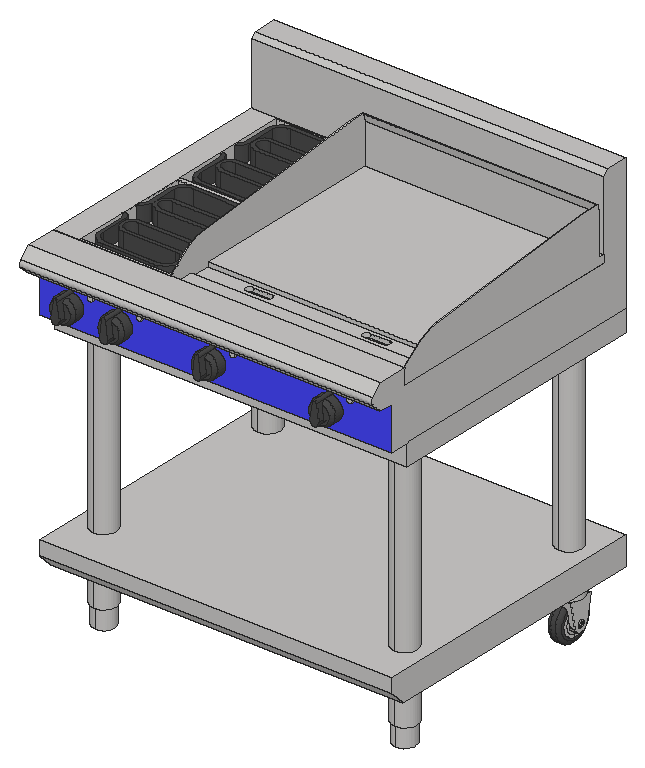
Revit family "QF_MOFFAT_BLUESEAL_CE_E516B-LS", category Specialty Equipment, Revit 2012 (continued)
Definition of nested family "ELECTRIC BURNER & GRIDDLE 900"
  Automatic sketch dimensions
    plane 1 "BACK" to Extrusion 1 sketch curve = 0 mm
    Extrusion 1 sketch curve to plane 10 = 0 mm  (x2)
    Extrusion 1 sketch curve to plane 3 "LEFT" = 0 mm
    plane 5 "FRONT" to Extrusion 1 sketch curve = 0 mm
    plane 1 "BACK" to Extrusion 1 sketch curve = 5 mm
    plane 8 "Center X" to Extrusion 1 sketch curve = 4.849 mm
    Extrusion 1 sketch curve to plane 8 "Center X" = 2.751 mm
    Extrusion 1 sketch curve to plane 5 "FRONT" = 5 mm
    Extrusion 1 sketch curve to plane 7 "Center Y" = 155.638 mm  (x2)
    Extrusion 1 sketch curve to Extrusion 1 sketch curve = 5.638 mm
    Extrusion 2 sketch curve to Extrusion 2 sketch curve = 0 mm  (x35)
    plane 1 "BACK" to Extrusion 2 sketch curve = 9.75 mm
    Extrusion 2 sketch curve to Extrusion 2 sketch curve = 10 mm  (x2)
    plane 9 to Extrusion 2 sketch curve = 24.786 mm
    Extrusion 2 sketch curve to Extrusion 2 sketch curve = 0.182 mm  (x4)
    plane 9 to Extrusion 2 sketch curve = 23.546 mm
    plane 9 to Extrusion 2 sketch curve = 22.55 mm
    Extrusion 2 sketch curve to Extrusion 2 sketch curve = 17.7 mm  (x4)
    Extrusion 2 sketch curve to plane 9 = 46.093 mm
    Extrusion 2 sketch curve to Extrusion 2 sketch curve = 0.4 mm  (x2)
    Extrusion 2 sketch curve to Extrusion 2 sketch curve = 0.111 mm  (x2)
    Extrusion 2 sketch curve to Extrusion 2 sketch curve = 14.806 mm
    Extrusion 2 sketch curve to Extrusion 2 sketch curve = 10.393 mm
    Extrusion 2 sketch curve to Extrusion 2 sketch curve = 27.7 mm  (x6)
    Extrusion 2 sketch curve to Extrusion 2 sketch curve = 33.826 mm
    Extrusion 2 sketch curve to Extrusion 2 sketch curve = 10.413 mm  (x2)
    Extrusion 2 sketch curve to Extrusion 2 sketch curve = 14.364 mm
    Extrusion 2 sketch curve to Extrusion 2 sketch curve = 0.123 mm  (x2)
    Extrusion 2 sketch curve to Extrusion 2 sketch curve = 14.934 mm  (x2)
    Extrusion 2 sketch curve to Extrusion 2 sketch curve = 26.704 mm  (x2)
    Extrusion 2 sketch curve to Extrusion 2 sketch curve = 1.058 mm  (x3)
    Extrusion 2 sketch curve to plane 8 "Center X" = 4.75 mm
    Extrusion 2 sketch curve to plane 8 "Center X" = 40.214 mm
    Extrusion 2 sketch curve to Extrusion 2 sketch curve = 4.516 mm
    Extrusion 2 sketch curve to Extrusion 2 sketch curve = 0.447 mm
    Extrusion 2 sketch curve to Extrusion 2 sketch curve = 33.7 mm
    Extrusion 2 sketch curve to Extrusion 2 sketch curve = 10.306 mm
    Extrusion 2 sketch curve to Extrusion 2 sketch curve = 14.508 mm
    plane 3 "LEFT" to Extrusion 2 sketch curve = 59.946 mm  (x2)
    plane 3 "LEFT" to Extrusion 2 sketch curve = 60.128 mm  (x2)
    Extrusion 2 sketch curve to Extrusion 2 sketch curve = 4.872 mm
    Extrusion 2 sketch curve to Extrusion 2 sketch curve = 5.484 mm
    Extrusion 2 sketch curve to Extrusion 2 sketch curve = 5.667 mm  (x2)
    Extrusion 2 sketch curve to Extrusion 2 sketch curve = 26.701 mm  (x4)
    Extrusion 2 sketch curve to Extrusion 2 sketch curve = 0.999 mm  (x3)
    Extrusion 2 sketch curve to Extrusion 2 sketch curve = 0.156 mm
    Extrusion 2 sketch curve to Extrusion 2 sketch curve = 0.625 mm
    Extrusion 2 sketch curve to Extrusion 2 sketch curve = 1.25 mm  (x2)
    Extrusion 2 sketch curve to Extrusion 2 sketch curve = 132.6 mm
    Extrusion 2 sketch curve to Extrusion 2 sketch curve = 132.428 mm
    Extrusion 2 sketch curve to Extrusion 2 sketch curve = 131.35 mm
    curve 11 to curve 37 = 0 mm  (x2)
    curve 15 to curve 33 = 0 mm  (x2)
    curve 19 to curve 29 = 0 mm  (x2)
    curve 21 to curve 27 = 0 mm  (x2)
    curve 23 to curve 25 = 0 mm  (x2)
    curve 39 to curve 45 = 0 mm  (x2)
    curve 41 to curve 43 = 0 mm  (x2)
    curve 49 to curve 67 = 0 mm  (x2)
    curve 53 to curve 63 = 0 mm  (x2)
    curve 55 to curve 61 = 0 mm  (x2)
    curve 57 to curve 59 = 0 mm  (x2)
    curve 71 to curve 81 = 0 mm  (x2)
    curve 73 to curve 79 = 0 mm  (x2)
    curve 75 to curve 77 = 0 mm  (x2)
    curve 1 to plane 3 "LEFT" = 0 mm
    plane 5 "FRONT" to curve 7 = 0 mm
    curve 3 to plane 4 "RIGHT" = 0 mm
    plane 1 "BACK" to curve 82 = 0 mm
    plane 3 "LEFT" to curve 25 = 59.946 mm
    plane 3 "LEFT" to curve 75 = 59.946 mm
    plane 3 "LEFT" to curve 59 = 60.128 mm
    plane 3 "LEFT" to curve 43 = 60.128 mm
    curve 57 to curve 58 = 4.872 mm
    curve 23 to curve 25 = 5.667 mm
    curve 41 to curve 43 = 5.484 mm
    curve 75 to curve 76 = 5.667 mm
    curve 7 to plane 8 "Center X" = 2.751 mm
    plane 3 "LEFT" to curve 7 = 65.8 mm
    curve 90 to curve 7 = 0 mm
    curve 57 to curve 59 = 15.784 mm
    curve 75 to curve 74 = 15.967 mm
    curve 87 to curve 27 = 10.112 mm
    curve 87 to curve 39 = 10.112 mm
    curve 25 to curve 23 = 10 mm
    curve 39 to curve 44 = 10 mm
    curve 73 to curve 79 = 10 mm
    curve 59 to curve 57 = 10 mm
    curve 44 to curve 39 = 26.701 mm
    curve 21 to curve 27 = 26.701 mm
    curve 79 to curve 79 = 26.701 mm
    curve 56 to curve 55 = 26.701 mm
    curve 23 to curve 32 = 27.7 mm
    curve 36 to plane 9 = 15.15 mm
    curve 39 to curve 36 = 0.999 mm
    curve 56 to curve 66 = 27.7 mm
    curve 55 to curve 55 = 0.999 mm
    curve 77 to curve 68 = 27.7 mm
    curve 21 to curve 20 = 0.999 mm
    curve 79 to plane 8 "Center X" = 14.75 mm
    curve 73 to curve 79 = 0.999 mm
    curve 39 to curve 45 = 0.999 mm
    curve 35 to curve 13 = 0.156 mm
    curve 54 to curve 62 = 0.172 mm
    curve 45 to curve 39 = 0.172 mm
    curve 80 to curve 72 = 0.172 mm
    curve 20 to curve 27 = 0.172 mm
    curve 31 to curve 17 = 0.625 mm
    curve 65 to curve 51 = 1.25 mm
    curve 68 to curve 48 = 1.25 mm
    curve 54 to plane 5 "FRONT" = 25.75 mm
    curve 54 to curve 54 = 132.6 mm
    curve 50 to curve 63 = 0 mm
    curve 46 to curve 68 = 0 mm
    plane 1 "BACK" to curve 38 = 9.75 mm
    curve 39 to curve 38 = 132.428 mm
    curve 34 to curve 36 = 0 mm
    curve 30 to curve 32 = 0 mm
    plane 8 "Center X" to curve 90 = 4.849 mm
    curve 29 to curve 90 = 48.15 mm
    curve 9 to plane 5 "FRONT" = 0.299 mm
    curve 62 to curve 9 = 48.15 mm
    curve 8 to curve 89 = 0 mm
    curve 9 to curve 9 = 11.275 mm
    plane 4 "RIGHT" to curve 2 = 65.612 mm
    curve 6 to curve 86 = 5 mm
    curve 62 to curve 54 = 10 mm
    curve 55 to curve 60 = 25.464 mm
    curve 54 to curve 53 = 27.7 mm
    curve 64 to curve 65 = 17.7 mm
    curve 65 to curve 51 = 0 mm
    curve 59 to curve 66 = 4.457 mm
    curve 57 to curve 59 = 0.4 mm
    curve 59 to curve 57 = 0.111 mm
    curve 49 to curve 67 = 27.7 mm
    curve 57 to curve 77 = 33.7 mm
    curve 77 to curve 76 = 10.413 mm
    curve 75 to curve 77 = 14.364 mm
    curve 68 to curve 69 = 17.7 mm
    curve 69 to curve 47 = 0 mm
    curve 79 to curve 79 = 26.704 mm
    plane 8 "Center X" to curve 28 = 10.75 mm
    curve 28 to curve 19 = 10 mm
    curve 87 to curve 26 = 41.365 mm
    curve 20 to curve 19 = 27.7 mm
    curve 30 to curve 31 = 17.7 mm
    curve 31 to curve 17 = 0 mm
    curve 23 to curve 32 = 4.516 mm
    curve 23 to curve 26 = 0.447 mm
    curve 25 to curve 23 = 0.123 mm
    curve 15 to curve 33 = 27.7 mm
    curve 24 to curve 43 = 33.826 mm
    curve 42 to curve 41 = 10.393 mm
    curve 42 to curve 43 = 14.296 mm
    curve 35 to curve 13 = 0 mm
    curve 39 to curve 10 = 26.704 mm
    plane 1 "BACK" to curve 88 = 5 mm
  Nested families
    nested 1: "ELECTRIC GRIDDLE PLATE 300" at (300, -15, 0), type "ELECTRIC GRIDDLE PLATE 300"
      with Width 600 mm, Type Mark "", Status "", Specification by User "", Show Clearance yes, Revision Code "", Number of Poles 1, Mechanical Remarks "", Mechanical Connection Type "", Item Number "", Installed By "", Identify Quantity as Lot yes, Gas RI Height 0 mm, Gas KW 0, Gas Input 0.0 Btu/h, Furnished By "", Foodservice Equipment Identifier yes, Electrical Remarks "", Electric Connection Type "", Elec Conn RI Height 0 mm, Elec Conn Connection Height 0 mm, Depth 620 mm
  Definition of nested family "ELECTRIC GRIDDLE PLATE 300"
    Parameters (values of type "ELECTRIC GRIDDLE PLATE 300")
      Width [instance] = 600 mm
      Weight in Pounds = 0
      Watts = 0 W
      Volts = 0 V
      URL Cutsheet = ""
      Type Mark [instance] = ""
      Status [instance] = ""
      Specification by User [instance] = ""
      Specification by Manufacturer = ""
      Show Clearance [instance] = yes
      Serial Number = ""
      Seismic Rating = ""
      SMACNA No = ""
      Revision Code [instance] = ""
      Phase = 1
      Omniclass Number and Title = ""
      Number of Poles [instance] = 1
      NAFEM Spec ID Number = ""
      Min Ckt Ampacity = 0 A
      Mechanical Remarks [instance] = ""
      Mechanical Connection Type [instance] = ""
      Max Overcurrent Protection = 0 A
      Masterspec = ""
      Item Number [instance] = ""
      Installed By [instance] = ""
      Identify Quantity as Lot [instance] = yes
      HP = ""
      Gas Size = 0"
      Gas RI Height [instance] = 0 mm
      Gas KW [instance] = 0
      Gas Input [instance] = 0.0 Btu/h
      Gas Connection Height = 0 mm
      Furnished By [instance] = ""
      Foodservice Equipment Identifier [instance] = yes
      FL Amps = 0 A
      Electrical Remarks [instance] = ""
      Electric Connection Type [instance] = ""
      Elec Conn RI Height [instance] = 0 mm
      Elec Conn Connection Height [instance] = 0 mm
      Depth [instance] = 620 mm
      Cycle = 0 Hz
      Conn Plug = ""
      Conn Conduit = yes
      CSI MasterFormat = ""
      CSI Master Format = ""
      Apparent Power = if(Phase = 3, Volts * FL Amps * 1.73, Volts * FL Amps)  # 0 VA
    Reference planes
      plane 1 "BACK": y = 0
      plane 2: z = 0
      plane 3 "LEFT": x = 0
      plane 4 "RIGHT": x = 600
      plane 5 "FRONT": y = -620
      plane 6 "TOP": z = 142.5
      plane 7 "Center Y": x = 300
      plane 8 "Center X": y = -310
      plane 9: y = -530.997
      plane 10: y = -541.497
      plane 11: y = -503.25
      plane 12: y = -557.737
    Forms (mm)
      Extrusion 1, solid, material "QF_Finishes_Stainless Steel"
        sketch origin (0, 70.003, -874.5) x (0, 1, 0) y (0, 0, 1)
          loop
            line (-70, 875) -> (-70, 997.489) -> (-75.228, 1017) -> (-117.24, 1017) -> (-589.533, 971.523)
            arc (-589.533, 971.523) -> (-614.56, 965.803) -> (-637.306, 953.899) r 100
            line (-637.306, 953.899) -> (-690.003, 917) -> (-690.003, 875) -> (-70, 875)
        from 0 to 1.8
      Extrusion 2, solid, material "QF_Finishes_Stainless Steel"
        sketch origin (600, 70.003, -874.5) x (0, -1, 0) y (0, 0, 1)
          loop
            line (70, 875) -> (690.003, 875) -> (690.003, 917) -> (637.306, 953.899)
            arc (637.306, 953.899) -> (614.56, 965.803) -> (589.533, 971.523) r 100
            line (589.533, 971.523) -> (117.24, 1017) -> (75.228, 1017) -> (70, 997.489) -> (70, 875)
        from 0 to 1.2
      Extrusion 3, solid, material "QF_Finishes_Stainless Steel"
        sketch origin (150, 70.003, -874.5) x (0, 1, 0) y (0, 0, 1)
          loop
            line (-55, 895) -> (-573.253, 895) -> (-573.253, 884.5) -> (-627.74, 884.5) -> (-627.74, 895) -> (-690.003, 895) -> (-690.003, 875) -> (-55, 875) -> (-55, 895)
        from -148.2 to 450
      Extrusion 4, void
        sketch origin (150, -541.497, 10) x (0, -1, 0) y (1, 0, 0)
          loop
            arc (-7.497, 325) -> (-17.497, 335) -> (-27.497, 325) r 10
            line (-27.497, 325) -> (-27.497, 275)
            arc (-27.497, 275) -> (-17.497, 265) -> (-7.497, 275) r 10
            line (-7.497, 275) -> (-7.497, 325)
          loop
            arc (-7.497, 25) -> (-17.497, 35) -> (-27.497, 25) r 10
            line (-27.497, 25) -> (-27.497, -25)
            arc (-27.497, -25) -> (-17.497, -35) -> (-7.497, -25) r 10
            line (-7.497, -25) -> (-7.497, 25)
        from -41.4 to 40.142
      Extrusion 5, solid, material "QF_Finishes_Stainless Steel"
        sketch origin (0, 70.003, -874.5) x (0, 1, 0) y (0, 0, 1)
          loop
            line (-70, 875) -> (-70, 997.489) -> (-75.228, 1017) -> (-76.884, 1017) -> (-71.6, 997.278) -> (-71.6, 875) -> (-70, 875)
        from 0 to 598.8
    Cuts and joins
      Extrusion 4 cuts Extrusion 3
      joined: Extrusion 1, Extrusion 2, Extrusion 3, Extrusion 5
    Lines and regions (mm)
      symbolic lines
        curve 1: line (598.8, -503.25, 0) -> (1.8, -503.25, 0)
        curve 2: line (1.8, -557.737, 0) -> (598.8, -557.737, 0)
        curve 3: line (1.8, -1.68, 0) -> (598.8, -1.68, 0)
        curve 4: line (598.8, -1.68, 0) -> (598.8, -620, 0)
        curve 5: line (1.8, -620, 0) -> (1.8, -1.68, 0)
        curve 6: line (1.8, -620, 0) -> (598.8, -620, 0)
        curve 7: line (125, -514, 0) -> (175, -514, 0)
        curve 8: arc (175, -514, 0) -> (185, -524, 0) -> (175, -534, 0) r 10
        curve 9: line (175, -534, 0) -> (125, -534, 0)
        curve 10: arc (125, -534, 0) -> (115, -524, 0) -> (125, -514, 0) r 10
        curve 11: line (425, -514, 0) -> (475, -514, 0)
        curve 12: arc (475, -514, 0) -> (485, -524, 0) -> (475, -534, 0) r 10
        curve 13: line (475, -534, 0) -> (425, -534, 0)
        curve 14: arc (425, -534, 0) -> (415, -524, 0) -> (425, -514, 0) r 10
    Dimensions and locks
      equal spacing: plane 3 "LEFT", plane 7 "Center Y", plane 4 "RIGHT"
      "Width": plane 3 "LEFT" to plane 4 "RIGHT"
      equal spacing: plane 5 "FRONT", plane 8 "Center X", plane 1 "BACK"
      "Depth": plane 5 "FRONT" to plane 1 "BACK"
      locked: Extrusion 2 to Extrusion 2 at 1.2
      aligned and locked: level to plane 2
      aligned and locked: Extrusion 2 to plane 4 "RIGHT"
      aligned and locked: curve 1 to plane 11
      aligned and locked: plane 12 to curve 2
      aligned and locked: Extrusion 5 to cut or joined group of Extrusion 1, Extrusion 2, Extrusion 3, Extrusion 4, Extrusion 5
      aligned and locked: cut or joined group of Extrusion 1, Extrusion 2, Extrusion 3, Extrusion 4, Extrusion 5 to plane 4 "RIGHT"
    Automatic sketch dimensions
      plane 5 "FRONT" to curve 6 = 0 mm
      plane 3 "LEFT" to curve 6 = 1.8 mm
      plane 4 "RIGHT" to curve 4 = 1.2 mm
      plane 1 "BACK" to curve 3 = 1.68 mm
      Extrusion 1 sketch curve to plane 5 "FRONT" = 0 mm
      Extrusion 1 sketch curve to plane 6 "TOP" = 0 mm
      plane 12 to Extrusion 1 sketch curve = 9.566 mm
      plane 11 to Extrusion 1 sketch curve = 16.28 mm
      Extrusion 1 sketch curve to level = 2.516 mm
      plane 11 to Extrusion 1 sketch curve = 6.695 mm
      plane 1 "BACK" to Extrusion 1 sketch curve = 47.237 mm
      plane 1 "BACK" to Extrusion 1 sketch curve = 5.225 mm
      Extrusion 1 sketch curve to plane 1 "BACK" = 0.003 mm
      level to Extrusion 1 sketch curve = 0.5 mm
      Extrusion 1 sketch curve to Extrusion 1 sketch curve = 42 mm
      Extrusion 1 sketch curve to plane 6 "TOP" = 63.101 mm
      Extrusion 1 sketch curve to plane 6 "TOP" = 19.511 mm
      Extrusion 2 sketch curve to plane 6 "TOP" = 0 mm
      Extrusion 2 sketch curve to plane 5 "FRONT" = 0 mm
      plane 12 to Extrusion 2 sketch curve = 9.566 mm
      plane 11 to Extrusion 2 sketch curve = 16.28 mm
      Extrusion 2 sketch curve to level = 2.516 mm
      plane 11 to Extrusion 2 sketch curve = 6.695 mm
      plane 1 "BACK" to Extrusion 2 sketch curve = 47.237 mm
      plane 1 "BACK" to Extrusion 2 sketch curve = 5.225 mm
      Extrusion 2 sketch curve to plane 1 "BACK" = 0.003 mm
      level to Extrusion 2 sketch curve = 0.5 mm
      Extrusion 2 sketch curve to Extrusion 2 sketch curve = 42 mm
      Extrusion 2 sketch curve to plane 6 "TOP" = 63.101 mm
      Extrusion 2 sketch curve to plane 6 "TOP" = 19.511 mm
      Extrusion 3 sketch curve to plane 5 "FRONT" = 0 mm
      Extrusion 3 sketch curve to plane 12 = 0 mm
      Extrusion 3 sketch curve to plane 11 = 0 mm
      Extrusion 3 sketch curve to plane 1 "BACK" = 15.003 mm
      level to Extrusion 3 sketch curve = 0.5 mm
      level to Extrusion 3 sketch curve = 10 mm
      Extrusion 3 sketch curve to Extrusion 3 sketch curve = 10.5 mm  (x2)
      plane 1 "BACK" to Extrusion 5 sketch curve = 5.225 mm
      Extrusion 5 sketch curve to plane 1 "BACK" = 0.003 mm
      Extrusion 5 sketch curve to plane 6 "TOP" = 19.511 mm
      Extrusion 5 sketch curve to Extrusion 5 sketch curve = 1.6 mm
      Extrusion 5 sketch curve to Extrusion 5 sketch curve = 0.211 mm
      Extrusion 5 sketch curve to plane 6 "TOP" = 0 mm
      Extrusion 5 sketch curve to Extrusion 5 sketch curve = 1.656 mm
      level to Extrusion 5 sketch curve = 0.5 mm
      plane 11 to Extrusion 4 sketch curve = 10.75 mm  (x2)
      Extrusion 4 sketch curve to Extrusion 4 sketch curve = 10 mm  (x2)
      plane 3 "LEFT" to Extrusion 4 sketch curve = 125 mm
      Extrusion 4 sketch curve to Extrusion 4 sketch curve = 50 mm  (x2)
      plane 7 "Center Y" to Extrusion 4 sketch curve = 125 mm
      plane 11 to curve 10 = 10.75 mm
      curve 1 to curve 10 = 123.2 mm
      curve 9 to plane 12 = 23.737 mm
      curve 9 to curve 9 = 50 mm
      plane 11 to curve 14 = 10.75 mm
      plane 7 "Center Y" to curve 14 = 125 mm
      curve 13 to plane 12 = 23.737 mm
      curve 13 to curve 13 = 50 mm
